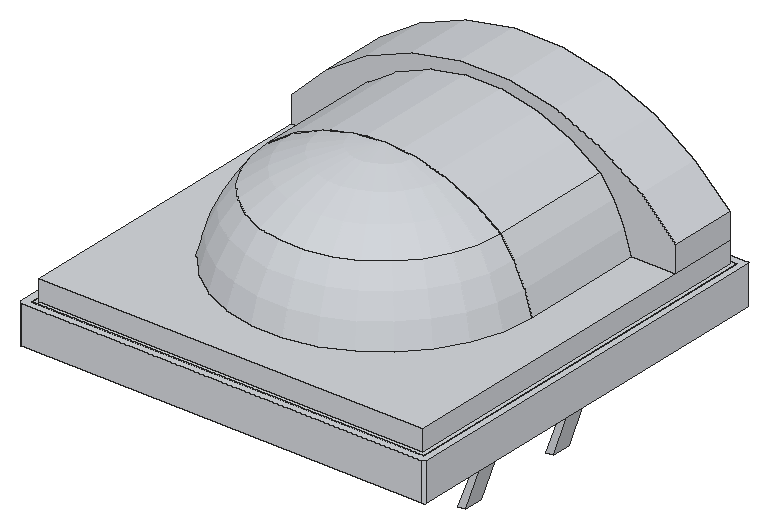
Revit family "Gira_537601", category Electrical Fixtures, host Face, Revit 2017
Family settings
  Host = Face
  Maintain Annotation Orientation = Yes
  Round Connector Dimension = Use Diameter
  Part Type = Normal
  Cut with Voids When Loaded = No
  Shared = No
  Room Calculation Point = No
Parameters (values of type "S3000 Beweg.m.aufs. 2,20 m Komfort BT System 55 Cremeweiß")
  Werkstoffgüte = "sonstige"
  Werkstoff = "sonstige"
  Vernetzbar = "No"
  Unterkriechschutz/Rückfeldüberwachung = "No"
  URL = "http://katalog.gira.de/de_DE/datenblatt.html?artikelnr=537601"
  Treppenhausüberwachung = "Yes"
  Tierschneise = "No"
  Region = "DE"
  RAL-Nummer (ähnlich) = "1013 "
  Name = "S3000 Beweg.m.aufs. 2,20 m Komfort BT System 55 Cremeweiß"
  Montagehöhe = "2,2 m"
  Montageart = "unter Putz"
  Min. Einschaltdauer = "10 s"
  Max. Reichweite zu einer Seite = "6 m"
  Max. Reichweite frontal = "12 m"
  Max. Einschaltdauer = "1800 s"
  Manufacturer URL = "https://www.gira.de/"
  Konstantlichtregelung = "No"
  Keynote = "Bewegungsmelder_2,20m"
  HeinzeBIM = "https://bimportal.heinze.de/bim/s3000-beweg-m-aufs-2-20-m-komfort-bt-system-55-cremeweiss/61488703c6e345689ba46f2c130347bc5772ef7a"
  Halogenfrei = "Yes"
  HLK-Ansteuerung = "No"
  HAN = "537601"
  Geeignet für drahtlose Übertragung = "No"
  Geeignet für Schutzart (IP) = "IP20"
  GTIN = "4010337050261"
  Farbe = "cremeweiß (elektroweiß)"
  Erfassungswinkel horizontal = "1 - 180"
  Default Elevation = 1219.2 mm
  Data sheet (1) = "https://katalog.gira.de/de_DE/download.html?artikelnr=537601"
  Category = "Bewegungsmelder-Sensor"
  Available = "Yes"
  Ausführung = "Bewegungsmelder"
  Ansprechhelligkeit einstellbar = "No"
  Ansprechempfindlichkeit einstellbar = "Yes"
  Abdimmfunktion mit Dimmeinsatz = "Yes"
Reference planes
  plane 1 "Center (Front/Back)": y = 0
  plane 2: z = 0
  plane 3 "Center (Left/Right)": x = 0
Forms (mm)
  Extrusion 1, solid, detail levels fine
    sketch origin (0, 0, 0) x (1, 0, 0) y (0, 0, 1)
      loop
        line (-33.25, 14.602) -> (-33.25, 10.1) -> (33.25, 10.1) -> (33.25, 14.602)
        arc (33.25, 14.602) -> (0, 30.256) -> (-33.25, 14.602) r 43.139
    from -33.25 to -21.609
  Extrusion 2, solid, detail levels fine
    sketch origin (0, 0, 0) x (1, 0, 0) y (0, 1, 0)
      loop
        line (-33.25, 33.25) -> (-33.25, -33.25) -> (33.25, -33.25) -> (33.25, 33.25) -> (-33.25, 33.25)
    from 6.6 to 10.1
  Extrusion 3, solid, detail levels fine
    sketch origin (0, 0, 0) x (1, 0, 0) y (0, 0, 1)
      loop
        arc (20.138, 21.225) -> (0, 28.457) -> (-20.138, 21.225) r 31.652
        arc (-20.138, 21.225) -> (-23.48, 15.984) -> (-25.486, 10.1) r 26.053
        line (-25.486, 10.1) -> (25.486, 10.1)
        arc (25.486, 10.1) -> (23.48, 15.984) -> (20.138, 21.225) r 26.053
    from -21.609 to 0
  Revolve 4, solid, detail levels fine
    sketch origin (0, 0, 0) x (1, 0, 0) y (0, 0, 1)
      loop
        arc (0, 28.457) -> (-10.699, 26.594) -> (-20.138, 21.225) r 31.652
        arc (-20.138, 21.225) -> (-23.48, 15.984) -> (-25.486, 10.1) r 26.053
        line (-25.486, 10.1) -> (0, 10.1) -> (0, 28.457)
      axis (0, 28.457) -> (0, 10.1)
    angle from -180 to 0
  Extrusion 5, solid, detail levels fine
    sketch origin (0, 0, 0) x (1, 0, 0) y (0, 1, 0)
      loop
        spline (-34.7, 35.2) -> (-34.765, 35.196) -> (-34.829, 35.183) -> (-34.891, 35.162) -> (-34.95, 35.133) -> (-35.004, 35.097) -> (-35.054, 35.054) -> (-35.097, 35.004) -> (-35.133, 34.95) -> (-35.162, 34.891) -> (-35.183, 34.829) -> (-35.196, 34.765) -> (-35.2, 34.7)
        line (-35.2, 34.7) -> (-35.2, -34.7)
        spline (-35.2, -34.7) -> (-35.196, -34.765) -> (-35.183, -34.829) -> (-35.162, -34.891) -> (-35.133, -34.95) -> (-35.097, -35.004) -> (-35.054, -35.054) -> (-35.004, -35.097) -> (-34.95, -35.133) -> (-34.891, -35.162) -> (-34.829, -35.183) -> (-34.765, -35.196) -> (-34.7, -35.2)
        line (-34.7, -35.2) -> (34.7, -35.2)
        spline (34.7, -35.2) -> (34.765, -35.196) -> (34.829, -35.183) -> (34.891, -35.162) -> (34.95, -35.133) -> (35.004, -35.097) -> (35.054, -35.054) -> (35.097, -35.004) -> (35.133, -34.95) -> (35.162, -34.891) -> (35.183, -34.829) -> (35.196, -34.765) -> (35.2, -34.7)
        line (35.2, -34.7) -> (35.2, 34.7)
        spline (35.2, 34.7) -> (35.196, 34.765) -> (35.183, 34.829) -> (35.162, 34.891) -> (35.133, 34.95) -> (35.097, 35.004) -> (35.054, 35.054) -> (35.004, 35.097) -> (34.95, 35.133) -> (34.891, 35.162) -> (34.829, 35.183) -> (34.765, 35.196) -> (34.7, 35.2)
        line (34.7, 35.2) -> (-34.7, 35.2)
      loop
        line (-33.986, 33.986) -> (-33.986, -33.986) -> (33.986, -33.986) -> (33.986, 33.986) -> (-33.986, 33.986)
    from 0 to 6.6
  Extrusion 6, solid, detail levels fine
    sketch origin (0, 0, 0) x (1, 0, 0) y (0, 1, 0)
      loop
        line (-33.986, 33.986) -> (-33.986, -33.986) -> (33.986, -33.986) -> (33.986, 33.986) -> (-33.986, 33.986)
    from 5 to 6.6
  Extrusion 7, solid
    sketch origin (0, 0, 0) x (1, 0, 0) y (0, 1, 0)
      loop
        line (-23.656, 22.752) -> (-23.656, -22.748)
        arc (-23.656, -22.748) -> (-23.409, -23.369) -> (-22.801, -23.65) r 0.904
        line (-22.801, -23.65) -> (22.796, -23.65)
        arc (22.796, -23.65) -> (23.404, -23.369) -> (23.656, -22.748) r 0.904
        line (23.656, -22.748) -> (23.652, 22.752)
        arc (23.652, 22.752) -> (23.404, 23.374) -> (22.796, 23.655) r 0.904
        line (22.796, 23.655) -> (-22.801, 23.655)
        arc (-22.801, 23.655) -> (-23.409, 23.374) -> (-23.656, 22.752) r 0.904
    from -3.2 to 5
  Extrusion 8, solid, detail levels fine
    sketch origin (0, 0, 0) x (1, 0, 0) y (0, 1, 0)
      loop
        line (-27.334, -25) -> (-26.366, -25) -> (-26.366, 26.298) -> (26.366, 26.298) -> (26.366, -25) -> (27.334, -25) -> (27.334, 27.402) -> (-27.334, 27.402) -> (-27.334, -25)
    from -1.1 to 5
  Extrusion 9, solid, detail levels fine
    sketch origin (0, 0, 0) x (1, 0, 0) y (0, 1, 0)
      loop
        line (-5.141, 20.682) -> (-5.141, 15.098)
        spline (-5.141, 15.098) -> (-5.133, 14.968) -> (-5.107, 14.84) -> (-5.065, 14.716) -> (-5.007, 14.599) -> (-4.935, 14.49) -> (-4.849, 14.391) -> (-4.75, 14.305) -> (-4.641, 14.233) -> (-4.524, 14.175) -> (-4.4, 14.133) -> (-4.272, 14.107) -> (-4.142, 14.099)
        line (-4.142, 14.099) -> (4.142, 14.099)
        spline (4.142, 14.099) -> (4.272, 14.107) -> (4.4, 14.133) -> (4.524, 14.175) -> (4.641, 14.233) -> (4.75, 14.305) -> (4.849, 14.391) -> (4.935, 14.49) -> (5.007, 14.599) -> (5.065, 14.716) -> (5.107, 14.84) -> (5.133, 14.968) -> (5.141, 15.098)
        line (5.141, 15.098) -> (5.141, 20.682)
        spline (5.141, 20.682) -> (5.133, 20.812) -> (5.107, 20.94) -> (5.065, 21.064) -> (5.007, 21.181) -> (4.935, 21.29) -> (4.849, 21.389) -> (4.75, 21.475) -> (4.641, 21.547) -> (4.524, 21.605) -> (4.4, 21.647) -> (4.272, 21.673) -> (4.142, 21.681)
        line (4.142, 21.681) -> (-4.142, 21.681)
        spline (-4.142, 21.681) -> (-4.272, 21.673) -> (-4.4, 21.647) -> (-4.524, 21.605) -> (-4.641, 21.547) -> (-4.75, 21.475) -> (-4.849, 21.389) -> (-4.935, 21.29) -> (-5.007, 21.181) -> (-5.065, 21.064) -> (-5.107, 20.94) -> (-5.133, 20.812) -> (-5.141, 20.682)
    from -19.6 to -3.2
  Extrusion 10, solid, detail levels fine
    sketch origin (0, 0, 0) x (1, 0, 0) y (0, 0, 1)
      loop
        line (-24.966, -3.825) -> (-25.395, -8.726) -> (-23.048, -15.543) -> (-21.665, -15.713) -> (-24.338, -8.563) -> (-23.422, -1.1) -> (-25.014, -1.1) -> (-24.966, -3.825)
      loop
        line (24.966, -3.825) -> (25.014, -1.1) -> (23.422, -1.1) -> (24.338, -8.563) -> (21.665, -15.713) -> (23.048, -15.543) -> (25.395, -8.726) -> (24.966, -3.825)
    from -11.1 to -7.9
  Extrusion 11, solid, detail levels fine
    sketch origin (0, 0, 0) x (1, 0, 0) y (0, 0, -1)
      loop
        line (-24.966, 3.825) -> (-25.014, 1.1) -> (-23.422, 1.1) -> (-24.338, 8.563) -> (-21.665, 15.713) -> (-23.048, 15.543) -> (-25.395, 8.726) -> (-24.966, 3.825)
      loop
        line (24.966, 3.825) -> (25.395, 8.726) -> (23.048, 15.543) -> (21.665, 15.713) -> (24.338, 8.563) -> (23.422, 1.1) -> (25.014, 1.1) -> (24.966, 3.825)
    from -11.1 to -7.9
  Extrusion 12, solid
    sketch origin (0, 0, 0) x (1, 0, 0) y (0, 1, 0)
      loop
        line (-23.656, 22.752) -> (-23.656, -22.748)
        arc (-23.656, -22.748) -> (-23.409, -23.369) -> (-22.801, -23.65) r 0.904
        line (-22.801, -23.65) -> (22.796, -23.65)
        arc (22.796, -23.65) -> (23.404, -23.369) -> (23.656, -22.748) r 0.904
        line (23.656, -22.748) -> (23.652, 22.752)
        arc (23.652, 22.752) -> (23.404, 23.374) -> (22.796, 23.655) r 0.904
        line (22.796, 23.655) -> (-22.801, 23.655)
        arc (-22.801, 23.655) -> (-23.409, 23.374) -> (-23.656, 22.752) r 0.904
    from -3.2 to 5
  Extrusion 13, solid, detail levels medium
    sketch origin (0, 0, 0) x (1, 0, 0) y (0, 1, 0)
      loop
        line (-35.2, 35.2) -> (-35.2, -35.2) -> (35.2, -35.2) -> (35.2, 35.2) -> (-35.2, 35.2)
    from 0 to 6.6
  Extrusion 14, solid, detail levels medium
    sketch origin (0, 0, 0) x (1, 0, 0) y (0, 1, 0)
      loop
        line (-33.25, 33.25) -> (-33.25, -33.25) -> (33.25, -33.25) -> (33.25, 33.25) -> (-33.25, 33.25)
    from 6.6 to 30.256
  Extrusion 15, solid, detail levels medium
    sketch origin (0, 0, 0) x (1, 0, 0) y (0, 1, 0)
      loop
        line (-23.656, 23.655) -> (-23.656, -23.65) -> (23.656, -23.65) -> (23.656, 23.655) -> (-23.656, 23.655)
    from -3.2 to 5
  Extrusion 16, solid, detail levels medium
    sketch origin (0, 0, 0) x (1, 0, 0) y (0, 0, 1)
      loop
        line (-25.014, -1.1) -> (-25.014, -15.713) -> (-21.665, -15.713) -> (-21.665, -1.1) -> (-25.014, -1.1)
      loop
        line (25.014, -1.1) -> (21.665, -1.1) -> (21.665, -15.713) -> (25.014, -15.713) -> (25.014, -1.1)
    from -11.1 to -7.9
  Extrusion 17, solid, detail levels medium
    sketch origin (0, 0, 0) x (1, 0, 0) y (0, 0, -1)
      loop
        line (-25.014, 1.1) -> (-21.665, 1.1) -> (-21.665, 15.713) -> (-25.014, 15.713) -> (-25.014, 1.1)
      loop
        line (25.014, 1.1) -> (25.014, 15.713) -> (21.665, 15.713) -> (21.665, 1.1) -> (25.014, 1.1)
    from -11.1 to -7.9
  Extrusion 18, solid, detail levels medium
    sketch origin (0, 0, 0) x (1, 0, 0) y (0, 1, 0)
      loop
        line (-5.141, 14.099) -> (5.141, 14.099) -> (5.141, 21.681) -> (-5.141, 21.681) -> (-5.141, 14.099)
    from -19.6 to -3.2
  Extrusion 19, solid, detail levels coarse
    sketch origin (0, 0, 0) x (1, 0, 0) y (0, 1, 0)
      loop
        line (-35.2, 35.2) -> (-35.2, -35.2) -> (35.2, -35.2) -> (35.2, 35.2) -> (-35.2, 35.2)
    from -19.6 to 30.256
Dimensions and locks
  aligned and locked: plane 2 to host face
  aligned and locked: level to host face
  aligned and locked: nested 1 to plane 3 "Center (Left/Right)"
  aligned and locked: plane 1 "Center (Front/Back)" to nested 1
Nested families
  nested 1: "Belegungssensor - Bewegung - Aufputz - Beschriftung" at (0, 0, 0) x (0, -1, 0) z (0, 0, 1), type "Belegungssensor - Bewegung - Aufputz - Beschriftung"
Connectors
  electrical at (0, 0, -19.6)
    settings: on Extrusion 19, index 1, voltage 220 V, apparent load 0 VA, apparent load phase1 0 VA, apparent load phase2 0 VA, apparent load phase3 0 VA, power factor 1, load classification "Other", number of poles 1, system type 30, power factor state 1, is connector primary yes, connector utility no, sub classification motor no, connector description ""
Definition of nested family "Belegungssensor - Bewegung - Aufputz - Beschriftung"
  Reference planes
    plane 1: y = 0
    plane 2: x = 0
  Lines and regions (mm)
    Filled region 1, type "Gefüllter Bereich 1"
      outline origin (143.425, -20.712, 0) x (1, 0, 0) y (0, 1, 0)
        loop
          line (-148.697, 21.204) -> (-148.697, 20.409) -> (-147.583, 20.807) -> (-148.697, 21.204)
    Filled region 2, type "Gefüllter Bereich 1"
      outline origin (141.808, 30.001, 0) x (0.939693, 0.34202, 0) y (-0.34202, 0.939693, 0)
        loop
          line (-148.694, 21.203) -> (-148.694, 20.41) -> (-147.583, 20.807) -> (-148.694, 21.203)
    Filled region 3, type "Gefüllter Bereich 1"
      outline origin (141.819, -29.825, 0) x (-0.34202, -0.939693, 0) y (0.939693, -0.34202, 0)
        loop
          line (21.204, -148.697) -> (20.807, -147.583) -> (20.409, -148.697) -> (21.204, -148.697)
    detail lines
      curve 1: line (-1.207, 0.095, 0) -> (-3.486, 1.411, 0)
      curve 2: line (-1.207, 0.095, 0) -> (-3.486, -1.221, 0)
      curve 5: arc (-3.252, 1.752, 0) -> (-3.839, 0.095, 0) -> (-3.252, -1.562, 0) r 2.632
      curve 6: line (-6, 3, 0) -> (0, 3, 0)
      curve 7: line (-6, -3, 0) -> (-6, 3, 0)
      curve 8: line (0, -3, 0) -> (-6, -3, 0)
      curve 9: line (0, 3, 0) -> (0, -3, 0)
    reference lines
      curve 3: line (-1.207, 0.095, 0) -> (-3.616, 2.046, 0)
      curve 4: line (-1.207, 0.095, 0) -> (-3.616, -1.856, 0)
  Dimensions and locks
    curve 1 to curve 1 = 2.632 mm
    curve 2 to curve 2 = 2.632 mm
    curve 6 to curve 8 = 6 mm
    curve 7 to curve 9 = 6 mm
    angle curve 1 to curve 2 = 60.00°
    aligned and locked: curve 6 to curve 7
    aligned and locked: curve 9 to curve 9
